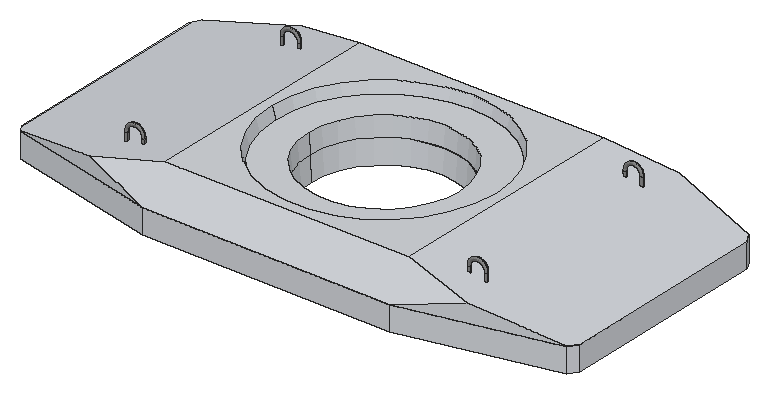
Revit family "110402-00011 Плита перекрытия колодца ККСр-4 ОП-4", category Обобщенные модели, Revit 2019
Family settings
  Может служить основой для арматурных стержней = Нет
  Размер круглого соединителя = Использовать диаметр
  Тип детали = Нормальный
  На основе рабочей плоскости = Нет
  Всегда вертикально = Да
  При загрузке вырезать с полостями = Нет
  Общий = Нет
  Точка расчета площади = Нет
Parameters (values of type "Плита перекрытия колодца ККСр-4 "ОП-4"")
  Ширина2 [instance] = 125 mm
  Ширина1 [instance] = 100 mm
  Ширина [instance] = 600.406 mm
  Длина [instance] = 2290 mm
  Высота [instance] = 1210 mm
  ADSK_Ссылка на сайт = "https://www.ssd.ru/plita-opornaya-op-4"
  ADSK_Сертификат соответствия = "https://www.ssd.ru/upload/iblock/ec0/sert_b25_0221.pdf"
  ADSK_Наименование = "Плита перекрытия колодца ККСр-4 \"ОП-4\""
  ADSK_Масса = "1040"
  ADSK_Марка бетона = "В25"
  ADSK_Марка = "ККСр-4 \"ОП-4\""
  ADSK_Код изделия = "110402-00011"
  ADSK_Изготовитель = "АО СВЯЗЬСТРОЙДЕТАЛЬ"
Reference planes
  plane 1 "По центру (Вперед/Назад)": y = 0
  plane 2: z = 0
  plane 3 "По центру (Влево/Вправо)": x = 0
  plane 4: x = -1145
  plane 5: x = 1145
  plane 6: y = -605
  plane 7: y = 605
  plane 8: z = 0
  plane 9: z = 100
  plane 10: z = 225
  plane 11: z = 180
Forms (mm)
  Extrusion 1, solid
    sketch origin (0, 0, 0) x (1, 0, 0) y (0, 1, 0)
      loop
        line (-1145, 605) -> (-1145, -605) -> (1145, -605) -> (1145, 605) -> (-1145, 605)
    from 0 to 100
  Extrusion 2, void
    sketch origin (0, 0, 0) x (1, 0, 0) y (0, 1, 0)
      loop
        line (-1145, 430) -> (-1123, 465) -> (-508, 605) -> (-1145, 605) -> (-1145, 430)
    from 0 to 100
  Blend 3, solid
    base sketch origin (0, 0, 0) x (1, 0, 0) y (0, 1, 0)
      loop
        line (-1145, 605) -> (-1145, -605) -> (1145, -605) -> (1145, 605) -> (-1145, 605)
    top sketch origin (0, 0, 0) x (1, 0, 0) y (0, 1, 0)
      loop
        line (-500, 500) -> (-500, -500) -> (500, -500) -> (500, 500) -> (-500, 500)
    from 100 to 225
  Extrusion 4, void
    sketch origin (0, 0, 0) x (1, 0, 0) y (0, 1, 0)
      loop
        line (-1145, 430) -> (-1123, 465) -> (-508, 605) -> (-1145, 605) -> (-1145, 430)
    from 0 to 250
  Extrusion 5, void
    sketch origin (0, 0, 0) x (-1, 0, 0) y (0, -1, 0)
      loop
        line (-1145, -430) -> (-1145, -605) -> (-508, -605) -> (-1123, -465) -> (-1145, -430)
    from 0 to 225
  Extrusion 6, void
    sketch origin (0, 0, 0) x (-1, 0, 0) y (0, -1, 0)
      loop
        line (-1145, 430) -> (-1123, 465) -> (-508, 605) -> (-1145, 605) -> (-1145, 430)
    from 0 to 250
  Extrusion 7, void
    sketch origin (0, 0, 0) x (1, 0, 0) y (0, 1, 0)
      loop
        line (-1145, -430) -> (-1145, -605) -> (-508, -605) -> (-1123, -465) -> (-1145, -430)
    from 0 to 250
  Blend 8, void
    base sketch origin (0, 0, 0) x (1, 0, 0) y (0, 1, 0)
      loop
        circle (0, 0) r 447.5
    top sketch origin (0, 0, 0) x (1, 0, 0) y (0, 1, 0)
      loop
        circle (0, 0) r 460
    from 180 to 225
  Blend 9, void
    base sketch origin (0, 0, 0) x (1, 0, 0) y (0, 1, 0)
      loop
        circle (0, 0) r 300
    top sketch origin (0, 0, 0) x (1, 0, 0) y (0, 1, 0)
      loop
        circle (0, 0) r 310
    from 0 to 180
  Sweep 10, solid, material "Новый материал (по умолчанию)", detail levels fine
    path origin (-249, 1031.375, -48.805) x (-1, 0, 0) y (0, 0, 1)
      loop
        line (490, 225) -> (490, 260)
        arc (490, 260) -> (455, 295) -> (420, 260) r 35
        line (420, 260) -> (420, 225)
    profile origin (-739, 1031.375, 193.695) x (1, 0, 0) y (0, 1, 0)
      loop
        circle (0, -631.375) r 6
  Sweep 11, solid, material "Новый материал (по умолчанию)", detail levels fine
    path origin (249, 1031.375, -48.805) x (1, 0, 0) y (0, 0, -1)
      loop
        line (490, -225) -> (490, -260)
        arc (490, -260) -> (455, -295) -> (420, -260) r 35
        line (420, -260) -> (420, -225)
    profile origin (739, 1031.375, 193.695) x (1, 0, 0) y (0, 1, 0)
      loop
        circle (0, -631.375) r 6
  Sweep 12, solid, material "Новый материал (по умолчанию)", detail levels fine
    path origin (249, -1031.375, -48.805) x (1, 0, 0) y (0, 0, 1)
      loop
        line (490, 225) -> (490, 260)
        arc (490, 260) -> (455, 295) -> (420, 260) r 35
        line (420, 260) -> (420, 225)
    profile origin (739, -1031.375, 193.695) x (-1, 0, 0) y (0, -1, 0)
      loop
        circle (0, -631.375) r 6
  Sweep 13, solid, material "Новый материал (по умолчанию)", detail levels fine
    path origin (-249, -1031.375, -48.805) x (-1, 0, 0) y (0, 0, -1)
      loop
        line (490, -225) -> (490, -260)
        arc (490, -260) -> (455, -295) -> (420, -260) r 35
        line (420, -260) -> (420, -225)
    profile origin (-739, -1031.375, 193.695) x (-1, 0, 0) y (0, -1, 0)
      loop
        circle (0, -631.375) r 6
Cuts and joins
  Extrusion 2, Extrusion 4, Extrusion 5, Extrusion 6, Extrusion 7, Blend 8, Blend 9 cuts Extrusion 1
  Extrusion 4, Extrusion 5, Extrusion 6, Extrusion 7, Blend 8, Blend 9 cuts Blend 3
Dimensions and locks
  "Длина": plane 4 to plane 5
  equal spacing: plane 4, plane 3 "По центру (Влево/Вправо)", plane 5
  "Высота": plane 7 to plane 6
  equal spacing: plane 7, plane 1 "По центру (Вперед/Назад)", plane 6
  "Ширина1": plane 8 to plane 9
  "Ширина2": plane 9 to plane 10
  locked: plane 11 to plane 10 at 45
  aligned and locked: level to plane 2
  aligned and locked: Extrusion 1 to Extrusion 2
  aligned and locked: plane 9 to Extrusion 1
  aligned and locked: Extrusion 1 to level
  aligned and locked: plane 10 to Blend 3
  aligned and locked: Blend 3 to cut or joined group of Extrusion 1, Extrusion 2, Extrusion 4, Extrusion 5, Extrusion 6, Extrusion 7, Blend 8, Blend 9
  aligned and locked: plane 10 to Blend 8
  aligned and locked: Blend 8 to plane 11
  aligned and locked: Blend 9 to cut or joined group of Blend 3, Extrusion 4, Extrusion 5, Extrusion 6, Extrusion 7, Blend 8, Blend 9
  aligned and locked: Blend 9 to level
Automatic sketch dimensions
  Extrusion 1 sketch curve to plane 4 = 0 mm
  Extrusion 1 sketch curve to plane 5 = 0 mm
  Extrusion 1 sketch curve to plane 6 = 0 mm
  Extrusion 1 sketch curve to plane 7 = 0 mm
  Extrusion 2 sketch curve to plane 4 = 0 mm
  Extrusion 2 sketch curve to plane 7 = 0 mm
  plane 4 to Extrusion 2 sketch curve = 22 mm
  Extrusion 2 sketch curve to plane 3 "По центру (Влево/Вправо)" = 508 mm
  Extrusion 2 sketch curve to plane 7 = 140 mm
  Extrusion 2 sketch curve to Extrusion 2 sketch curve = 35 mm
  Blend 3 sketch curve to plane 4 = 0 mm
  Blend 3 sketch curve to plane 5 = 0 mm
  Blend 3 sketch curve to plane 6 = 0 mm
  Blend 3 sketch curve to plane 7 = 0 mm
  plane 6 to Blend 3 sketch curve = 105 mm
  Blend 3 sketch curve to plane 3 "По центру (Влево/Вправо)" = 500 mm
  plane 3 "По центру (Влево/Вправо)" to Blend 3 sketch curve = 500 mm
  Blend 3 sketch curve to plane 7 = 105 mm
  Extrusion 4 sketch curve to plane 4 = 0 mm
  Extrusion 4 sketch curve to plane 7 = 0 mm
  plane 4 to Extrusion 4 sketch curve = 22 mm
  Extrusion 4 sketch curve to plane 3 "По центру (Влево/Вправо)" = 508 mm
  Extrusion 4 sketch curve to plane 7 = 140 mm
  Extrusion 4 sketch curve to Extrusion 4 sketch curve = 35 mm
  Extrusion 5 sketch curve to plane 5 = 0 mm
  Extrusion 5 sketch curve to plane 7 = 0 mm
  plane 5 to Extrusion 5 sketch curve = 22 mm
  Extrusion 5 sketch curve to plane 3 "По центру (Влево/Вправо)" = 508 mm
  plane 7 to Extrusion 5 sketch curve = 140 mm
  Extrusion 5 sketch curve to Extrusion 5 sketch curve = 35 mm
  Extrusion 6 sketch curve to plane 5 = 0 mm
  Extrusion 6 sketch curve to plane 6 = 0 mm
  Extrusion 6 sketch curve to plane 5 = 22 mm
  plane 3 "По центру (Влево/Вправо)" to Extrusion 6 sketch curve = 508 mm
  plane 6 to Extrusion 6 sketch curve = 140 mm
  Extrusion 6 sketch curve to Extrusion 6 sketch curve = 35 mm
  Extrusion 7 sketch curve to plane 4 = 0 mm
  Extrusion 7 sketch curve to plane 6 = 0 mm
  Extrusion 7 sketch curve to plane 4 = 22 mm
  plane 3 "По центру (Влево/Вправо)" to Extrusion 7 sketch curve = 508 mm
  Extrusion 7 sketch curve to plane 6 = 140 mm
  Extrusion 7 sketch curve to Extrusion 7 sketch curve = 35 mm
  plane 1 "По центру (Вперед/Назад)" to Blend 8 sketch curve = 0 mm  (x2)
  Blend 8 sketch curve to plane 3 "По центру (Влево/Вправо)" = 0 mm  (x2)
  plane 1 "По центру (Вперед/Назад)" to Blend 9 sketch curve = 0 mm  (x2)
  Blend 9 sketch curve to plane 3 "По центру (Влево/Вправо)" = 0 mm  (x2)
  Sweep 10 sketch curve to plane 10 = 48.805 mm  (x2)
  Sweep 10 sketch curve to plane 10 = 13.805 mm
  plane 4 to Sweep 10 sketch curve = 476 mm
  Sweep 10 sketch curve to Sweep 10 sketch curve = 35 mm
  Sweep 10 sketch curve to profile plane = 0 mm
  Sweep 10 sketch curve to profile plane = 631.375 mm
  Sweep 11 sketch curve to plane 10 = 48.805 mm  (x2)
  Sweep 11 sketch curve to plane 10 = 13.805 mm
  Sweep 11 sketch curve to plane 5 = 476 mm
  Sweep 11 sketch curve to Sweep 11 sketch curve = 35 mm
  Sweep 11 sketch curve to profile plane = 0 mm
  Sweep 11 sketch curve to profile plane = 631.375 mm
  Sweep 12 sketch curve to plane 10 = 48.805 mm  (x2)
  Sweep 12 sketch curve to plane 10 = 13.805 mm
  Sweep 12 sketch curve to plane 5 = 476 mm
  Sweep 12 sketch curve to Sweep 12 sketch curve = 35 mm
  Sweep 12 sketch curve to profile plane = 0 mm
  Sweep 12 sketch curve to profile plane = 631.375 mm
  Sweep 13 sketch curve to plane 10 = 48.805 mm  (x2)
  Sweep 13 sketch curve to plane 10 = 13.805 mm
  plane 4 to Sweep 13 sketch curve = 476 mm
  Sweep 13 sketch curve to Sweep 13 sketch curve = 35 mm
  Sweep 13 sketch curve to profile plane = 0 mm
  Sweep 13 sketch curve to profile plane = 631.375 mm
  radius of Blend 8 sketch curve = 447.5 mm
  radius of Blend 8 sketch curve = 460 mm
  radius of Blend 9 sketch curve = 300 mm
  radius of Blend 9 sketch curve = 310 mm
  radius of Sweep 10 sketch curve = 6 mm
  radius of Sweep 11 sketch curve = 6 mm
  radius of Sweep 12 sketch curve = 6 mm
  radius of Sweep 13 sketch curve = 6 mm
